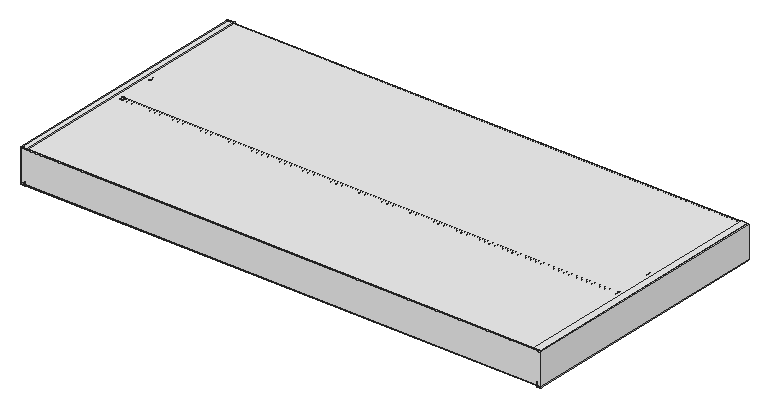
Revit family "LSTG 2x2_2x4", category Lighting Fixtures, host Ceiling, Revit 2019
Family settings
  Host = Ceiling
  Round Connector Dimension = Use Diameter
  Part Type = Normal
  OmniClass Number = 23.80.70.11.14.17
  OmniClass Title = Direct/Indirect
  Always vertical = Yes
  Cut with Voids When Loaded = No
  Light Source = Yes
  Shared = No
  Room Calculation Point = No
Parameters (values of type "LSTG2X4-LED840K092LUNV")
  Width = 1' - 11 3/4"
  Wattage = 79 W
  built-in parameter 1150110 = 1 (stored number, unit not read)
  Voltage = 120 V
  URL = "https://www.viscor.com/en/products/lstg"
  built-in parameter 1114217 = 0.9 (stored number, unit not read)
  Tilt Angle = 90.00°
  built-in parameter 1150109 = 1 (stored number, unit not read)
  built-in parameter 1150134 = 12
  built-in parameter 1150113 = 1 (stored number, unit not read)
  Reflector Width = Width / 2  # 0' - 11 7/8"
  Photometric Web File = "LSTG2X4-LED840K092LUNV.ies"
  Model = "LSTG"  # constant formula
  Manufacturer = "VISIONEERING by VISCOR"  # constant formula
  Lumens = 9243 lm
  built-in parameter 1150115 = 1 (stored number, unit not read)
  built-in parameter 1150105 = 735.53 (stored number, unit not read)
  built-in parameter 1150137 = (empty or 0)
  built-in parameter 1150139 = (empty or 0)
  Lens Finish = Acrylic - Viscor - Frosted White Impact Resistant
  Length = 3' - 11 3/4"
  Lamp Wattage = 79 VA
  built-in parameter 1150112 = 1 (stored number, unit not read)
  built-in parameter 1150114 = 1 (stored number, unit not read)
  Lamp = "LED"  # constant formula
  built-in parameter 1150132 = (empty or 0)
  built-in parameter 1150102 = (empty or 0)
  built-in parameter 1150138 = (empty or 0)
  built-in parameter 1150107 = 4000 (stored number, unit not read)
  built-in parameter 1150106 = 7.3553 (stored number, unit not read)
  Housing Finish = Metal - Viscor - White
  Emit from Rectangle Width = Width  # 1' - 11 3/4"
  Emit from Rectangle Length = Length  # 3' - 11 3/4"
  Emit Shape Visible in Rendering = no
  built-in parameter 1150104 = 10.87 (stored number, unit not read)
  Dimming Lamp Color Temperature Shift = <None>
  Description = "LED Surface  Type G"  # constant formula
  Color Filter = 16777215
  built-in parameter 1114218 = 1 (stored number, unit not read)
  built-in parameter 1150133 = 10 (stored number, unit not read)
  Assembly Code = "D5020200"
  Apparent Load = Lamp Wattage  # 79 VA
Types (6): name | Wattage | Photometric Web File | Lumens | built-in parameter 1150105 | Length | Lamp Wattage | built-in parameter 1150106 | Emit from Rectangle Length | built-in parameter 1150104 | Apparent Load
  (no name) | 79 W | "LSTG2X4-LED840K092LUNV.ies" | 9243 lm | 735.53 (stored number, unit not read) | 3' - 11 3/4" | 79 VA | 7.3553 (stored number, unit not read) | 3' - 11 3/4" | 10.87 (stored number, unit not read) | 79 VA
  LSTG2X2-LED840K037LUNV | 34 W | "LSTG2X2-LED840K037LUNV.IES" | 3706 lm | 294.91 (stored number, unit not read) | 1' - 11 3/4" | 34 VA | 2.9491 (stored number, unit not read) | 1' - 11 3/4" | 10.126 (stored number, unit not read) | 34 VA
  LSTG2x4-LED840K074LUNV | 58 W | "LSTG2X4-LED840K074LUNV.ies" | 7308 lm | 581.55 (stored number, unit not read) | 3' - 11 3/4" | 58 VA | 5.8155 (stored number, unit not read) | 3' - 11 3/4" | 11.706 (stored number, unit not read) | 58 VA
  LSTG2x4-LED840K040LUNV | 38 W | "LSTG2x4-LED840K040LUNV.IES" | 5092 lm | 405.21 (stored number, unit not read) | 3' - 11 3/4" | 30 VA | 4.0521 (stored number, unit not read) | 3' - 11 3/4" | 12.449 (stored number, unit not read) | 30 VA
  LSTG2X2-LED840K050LUNV | 38 W | "LSTG2x2-LED840K050LUNV.IES" | 4598 lm | 365.9 (stored number, unit not read) | 1' - 11 3/4" | 38 VA | 3.659 (stored number, unit not read) | 1' - 11 3/4" | 11.241 (stored number, unit not read) | 38 VA
  LSTG2X4-LED840K092LUNV | 79 W | "LSTG2X4-LED840K092LUNV.ies" | 9243 lm | 735.53 (stored number, unit not read) | 3' - 11 3/4" | 79 VA | 7.3553 (stored number, unit not read) | 3' - 11 3/4" | 10.87 (stored number, unit not read) | 79 VA
Reference planes (in)
  plane 1 "Light Source Axis (F/B)": y = 0
  plane 2 "Ceiling": z = 96
  plane 3 "Light Source Axis (L/R)": x = 0
  plane 4 "Light Source Elevation": z = 92.76562
  plane 5: y = 11.875
  plane 6: y = -11.875
  plane 7: x = -23.875
  plane 8: x = 23.875
  plane 9 "FixtureHeight": z = 92.845
  plane 10: x = -23.8125
  plane 11: x = 23.8125
  plane 12: x = -23.438
  plane 13: x = 23.438
  plane 14: y = 11.438
  plane 15: y = -11.438
  plane 16: x = -22.8125
  plane 17: x = 22.8125
Forms (in)
  Extrusion 1, void
    sketch origin (0, 0, 96) x (1, 0, 0) y (0, 1, 0)
      loop
        line (-23.875, -11.875) -> (23.875, -11.875) -> (23.875, 11.875) -> (-23.875, 11.875) -> (-23.875, -11.875)
    from -3.23438 to 0.53094
  Extrusion 2, solid, material "Metal - Viscor - White" <- "Housing Finish"
    sketch origin (0, 0, 0) x (1, 0, 0) y (0, 0, 1)
      loop
        arc (-23.507, 92.845) -> (-23.45821, 92.86521) -> (-23.438, 92.914) r 0.069
        line (-23.438, 92.914) -> (-23.438, 93.189) -> (-23.46925, 93.189) -> (-23.46925, 92.914)
        arc (-23.46925, 92.914) -> (-23.48031, 92.88731) -> (-23.507, 92.87625) r 0.03775
        line (-23.507, 92.87625) -> (-23.806, 92.87625)
        arc (-23.806, 92.87625) -> (-23.83269, 92.88731) -> (-23.84375, 92.914) r 0.03775
        line (-23.84375, 92.914) -> (-23.84375, 95.838)
        arc (-23.84375, 95.838) -> (-23.83269, 95.86469) -> (-23.806, 95.87575) r 0.03775
        line (-23.806, 95.87575) -> (-23.25, 95.87575) -> (-23.25, 95.907) -> (-23.806, 95.907)
        arc (-23.806, 95.907) -> (-23.85479, 95.88679) -> (-23.875, 95.838) r 0.069
        line (-23.875, 95.838) -> (-23.875, 92.914)
        arc (-23.875, 92.914) -> (-23.85479, 92.86521) -> (-23.806, 92.845) r 0.069
        line (-23.806, 92.845) -> (-23.507, 92.845)
    from -11.875 to 11.875
  Extrusion 3, solid, material "Metal - Viscor - White" <- "Housing Finish"
    sketch origin (0, 0, 0) x (-1, 0, 0) y (0, 0, -1)
      loop
        line (-23.507, -92.845) -> (-23.806, -92.845)
        arc (-23.806, -92.845) -> (-23.85479, -92.86521) -> (-23.875, -92.914) r 0.069
        line (-23.875, -92.914) -> (-23.875, -95.838)
        arc (-23.875, -95.838) -> (-23.85479, -95.88679) -> (-23.806, -95.907) r 0.069
        line (-23.806, -95.907) -> (-23.25, -95.907) -> (-23.25, -95.87575) -> (-23.806, -95.87575)
        arc (-23.806, -95.87575) -> (-23.83269, -95.86469) -> (-23.84375, -95.838) r 0.03775
        line (-23.84375, -95.838) -> (-23.84375, -92.914)
        arc (-23.84375, -92.914) -> (-23.83269, -92.88731) -> (-23.806, -92.87625) r 0.03775
        line (-23.806, -92.87625) -> (-23.507, -92.87625)
        arc (-23.507, -92.87625) -> (-23.48031, -92.88731) -> (-23.46925, -92.914) r 0.03775
        line (-23.46925, -92.914) -> (-23.46925, -93.189) -> (-23.438, -93.189) -> (-23.438, -92.914)
        arc (-23.438, -92.914) -> (-23.45821, -92.86521) -> (-23.507, -92.845) r 0.069
    from -11.875 to 11.875
  Extrusion 4, solid, material "Metal - Viscor - White" <- "Housing Finish"
    sketch origin (0, 0, 0) x (0, 1, 0) y (0, 0, 1)
      loop
        line (11.50687, 92.875) -> (11.80687, 92.875)
        arc (11.80687, 92.875) -> (11.85566, 92.89521) -> (11.87587, 92.944) r 0.069
        line (11.87587, 92.944) -> (11.87587, 95.806)
        arc (11.87587, 95.806) -> (11.85446, 95.85596) -> (11.80352, 95.87492) r 0.069
        line (11.80352, 95.87492) -> (-11.80515, 95.87492)
        arc (-11.80515, 95.87492) -> (-11.85391, 95.85472) -> (-11.87411, 95.80596) r 0.06896
        line (-11.87411, 95.80596) -> (-11.87411, 92.94399)
        arc (-11.87411, 92.94399) -> (-11.8539, 92.89521) -> (-11.80512, 92.87501) r 0.06899
        line (-11.80512, 92.87501) -> (-11.50513, 92.87501)
        arc (-11.50513, 92.87501) -> (-11.45634, 92.89521) -> (-11.43613, 92.944) r 0.069
        line (-11.43613, 92.944) -> (-11.43613, 93.616)
        arc (-11.43613, 93.616) -> (-11.42471, 93.64358) -> (-11.39713, 93.655) r 0.039
        line (-11.39713, 93.655) -> (-10.85013, 93.655) -> (-10.85013, 93.68625) -> (-11.39713, 93.68625)
        arc (-11.39713, 93.68625) -> (-11.4468, 93.66567) -> (-11.46738, 93.616) r 0.07025
        line (-11.46738, 93.616) -> (-11.46738, 92.944)
        arc (-11.46738, 92.944) -> (-11.47843, 92.91731) -> (-11.50513, 92.90626) r 0.03775
        line (-11.50513, 92.90626) -> (-11.80512, 92.90626)
        arc (-11.80512, 92.90626) -> (-11.8318, 92.91731) -> (-11.84286, 92.94399) r 0.03774
        line (-11.84286, 92.94399) -> (-11.84286, 95.80596)
        arc (-11.84286, 95.80596) -> (-11.83181, 95.83262) -> (-11.80515, 95.84367) r 0.03771
        line (-11.80515, 95.84367) -> (11.80439, 95.84367)
        arc (11.80439, 95.84367) -> (11.83267, 95.83356) -> (11.84462, 95.806) r 0.03775
        line (11.84462, 95.806) -> (11.84462, 92.944)
        arc (11.84462, 92.944) -> (11.83357, 92.91731) -> (11.80687, 92.90625) r 0.03775
        line (11.80687, 92.90625) -> (11.50687, 92.90625)
        arc (11.50687, 92.90625) -> (11.48018, 92.91731) -> (11.46912, 92.944) r 0.03775
        line (11.46912, 92.944) -> (11.46912, 93.616)
        arc (11.46912, 93.616) -> (11.44855, 93.66567) -> (11.39887, 93.68625) r 0.07025
        line (11.39887, 93.68625) -> (10.85188, 93.68625) -> (10.85188, 93.655) -> (11.39887, 93.655)
        arc (11.39887, 93.655) -> (11.42645, 93.64358) -> (11.43787, 93.616) r 0.039
        line (11.43787, 93.616) -> (11.43787, 92.944)
        arc (11.43787, 92.944) -> (11.45808, 92.89521) -> (11.50687, 92.875) r 0.069
    from -23.8125 to 23.8125
  Extrusion 5, solid, material "Metal - Viscor - White" <- "Housing Finish"
    sketch origin (0, 0, 92.845) x (0, 1, 0) y (-1, 0, 0)
      loop
        line (-11.3755, 23.3755) -> (-11.3755, -23.3755) -> (11.3755, -23.3755) -> (11.3755, 23.3755) -> (-11.3755, 23.3755)
      loop
        line (-10.8755, 22.8755) -> (-10.8755, -22.8755) -> (10.8755, -22.8755) -> (10.8755, 22.8755) -> (-10.8755, 22.8755)
    from 0 to 0.5
  Extrusion 6, solid, material "Metal - Viscor - White" <- "Housing Finish"
    sketch origin (0, 0, 0) x (0, 1, 0) y (0, 0, 1)
      loop
        line (1.93837, 95.845) -> (1.60237, 95.845)
        arc (1.60237, 95.845) -> (1.55358, 95.82479) -> (1.53337, 95.776) r 0.069
        line (1.53337, 95.776) -> (1.53337, 95.634)
        arc (1.53337, 95.634) -> (1.52195, 95.60642) -> (1.49437, 95.595) r 0.039
        line (1.49437, 95.595) -> (-1.49263, 95.595)
        arc (-1.49263, 95.595) -> (-1.5202, 95.60642) -> (-1.53163, 95.634) r 0.039
        line (-1.53163, 95.634) -> (-1.53163, 95.776)
        arc (-1.53163, 95.776) -> (-1.55184, 95.82479) -> (-1.60063, 95.845) r 0.069
        line (-1.60063, 95.845) -> (-1.93663, 95.845) -> (-1.93663, 95.81375) -> (-1.60063, 95.81375)
        arc (-1.60063, 95.81375) -> (-1.57393, 95.80269) -> (-1.56288, 95.776) r 0.03775
        line (-1.56288, 95.776) -> (-1.56288, 95.634)
        arc (-1.56288, 95.634) -> (-1.5423, 95.58433) -> (-1.49263, 95.56375) r 0.07025
        line (-1.49263, 95.56375) -> (1.49437, 95.56375)
        arc (1.49437, 95.56375) -> (1.54405, 95.58433) -> (1.56462, 95.634) r 0.07025
        line (1.56462, 95.634) -> (1.56462, 95.776)
        arc (1.56462, 95.776) -> (1.57568, 95.80269) -> (1.60237, 95.81375) r 0.03775
        line (1.60237, 95.81375) -> (1.93837, 95.81375) -> (1.93837, 95.845)
    from -22.8125 to 22.8125
  Extrusion 7, solid, material "Metal - Viscor - White" <- "Housing Finish"
    sketch origin (0, 0, 0) x (0, 1, 0) y (0, 0, 1)
      loop
        line (6.2888, 95.155) -> (0.62587, 95.155) -> (0.62587, 95.03) -> (-0.62413, 95.03) -> (-0.62413, 95.155) -> (-6.28706, 95.155) -> (-11.00513, 93.355) -> (-11.00513, 92.905) -> (11.00687, 92.905) -> (11.00687, 93.355) -> (6.2888, 95.155)
    from -23.438 to -22.8125
  Extrusion 8, solid, material "Metal - Viscor - White" <- "Housing Finish"
    sketch origin (0, 0, 0) x (0, 1, 0) y (0, 0, -1)
      loop
        line (6.2888, -95.155) -> (11.00687, -93.355) -> (11.00687, -92.905) -> (-11.00513, -92.905) -> (-11.00513, -93.355) -> (-6.28706, -95.155) -> (-0.62413, -95.155) -> (-0.62413, -95.03) -> (0.62587, -95.03) -> (0.62587, -95.155) -> (6.2888, -95.155)
    from -23.438 to -22.8125
  Extrusion 9, solid, material "Metal - Viscor - White" <- "Housing Finish"
    sketch origin (0, 0, 0) x (0, 1, 0) y (0, 0, 1)
      loop
        arc (2.23986, 93.80831) -> (2.20496, 93.84584) -> (2.23738, 93.88554) r 0.039
        line (2.23738, 93.88554) -> (2.46873, 93.92503) -> (2.46347, 93.95583) -> (2.23212, 93.91634)
        arc (2.23212, 93.91634) -> (2.17373, 93.84484) -> (2.2366, 93.77723) r 0.07025
        line (2.2366, 93.77723) -> (2.46434, 93.75329)
        arc (2.46434, 93.75329) -> (2.48502, 93.74206) -> (2.49171, 93.7195) r 0.03075
        line (2.49171, 93.7195) -> (2.42563, 93.09079)
        arc (2.42563, 93.09079) -> (2.41562, 93.07115) -> (2.39505, 93.06325) r 0.03075
        line (2.39505, 93.06325) -> (2.07587, 93.06325) -> (2.07587, 93.032) -> (2.39505, 93.032)
        arc (2.39505, 93.032) -> (2.43653, 93.04793) -> (2.45671, 93.08752) r 0.062
        line (2.45671, 93.08752) -> (2.52279, 93.71623)
        arc (2.52279, 93.71623) -> (2.50931, 93.76173) -> (2.46761, 93.78437) r 0.062
        line (2.46761, 93.78437) -> (2.23986, 93.80831)
    from -22.8125 to 22.8125
  Extrusion 10, solid, material "Metal - Viscor - White" <- "Housing Finish"
    sketch origin (0, 0, 0) x (0, -1, 0) y (0, 0, -1)
      loop
        line (2.23986, -93.80831) -> (2.46761, -93.78437)
        arc (2.46761, -93.78437) -> (2.50931, -93.76173) -> (2.52279, -93.71623) r 0.062
        line (2.52279, -93.71623) -> (2.45671, -93.08752)
        arc (2.45671, -93.08752) -> (2.43653, -93.04793) -> (2.39505, -93.032) r 0.062
        line (2.39505, -93.032) -> (2.07587, -93.032) -> (2.07587, -93.06325) -> (2.39505, -93.06325)
        arc (2.39505, -93.06325) -> (2.41562, -93.07115) -> (2.42563, -93.09079) r 0.03075
        line (2.42563, -93.09079) -> (2.49171, -93.7195)
        arc (2.49171, -93.7195) -> (2.48502, -93.74206) -> (2.46434, -93.75329) r 0.03075
        line (2.46434, -93.75329) -> (2.2366, -93.77723)
        arc (2.2366, -93.77723) -> (2.17373, -93.84484) -> (2.23212, -93.91634) r 0.07025
        line (2.23212, -93.91634) -> (2.46347, -93.95583) -> (2.46873, -93.92503) -> (2.23738, -93.88554)
        arc (2.23738, -93.88554) -> (2.20496, -93.84584) -> (2.23986, -93.80831) r 0.039
    from -22.8125 to 22.8125
  Extrusion 11, solid, material "Acrylic - Viscor - Frosted White Impact Resistant" <- "Lens Finish"
    sketch origin (0, 0, 0) x (0, 1, 0) y (0, 0, 1)
      loop
        line (2.37587, 93.105) -> (-2.37413, 93.105) -> (-2.37413, 93.065) -> (2.37587, 93.065) -> (2.37587, 93.105)
    from -22.8125 to 22.8125
Dimensions and locks (in)
  equal spacing: host sketch curve, plane 3 "Light Source Axis (L/R)", host sketch curve
  equal spacing: host sketch curve, plane 1 "Light Source Axis (F/B)", host sketch curve
  host sketch curve to host sketch curve = 10' - 0"  (x2)
  equal spacing: plane 7, plane 3 "Light Source Axis (L/R)", plane 8
  "Length": plane 7 to plane 8
  equal spacing: plane 5, plane 1 "Light Source Axis (F/B)", plane 6
  "Width": plane 5 to plane 6
  plane 4 "Light Source Elevation" to plane 2 "Ceiling" = 0' - 3 15/64"
  locked: plane 2 "Ceiling" to plane 9 "FixtureHeight" at 3.155
  locked: plane 7 to plane 10 at 0.0625
  locked: plane 11 to plane 8 at 0.0625
  locked: plane 7 to plane 12 at 0.437
  locked: plane 13 to plane 8 at 0.437
  locked: plane 5 to plane 14 at 0.437
  locked: plane 15 to plane 6 at 0.437
  locked: plane 7 to plane 16 at 1.0625
  locked: plane 17 to plane 8 at 1.0625
  aligned and locked: plane 3 "Light Source Axis (L/R)" to imposter light
  aligned and locked: plane 1 "Light Source Axis (F/B)" to imposter light
  aligned and locked: plane 4 "Light Source Elevation" to imposter light
  aligned and locked: Extrusion 1 to imposter light
  aligned and locked: Extrusion 1 to plane 7
  aligned and locked: plane 8 to Extrusion 1
  aligned and locked: plane 5 to Extrusion 2
  aligned and locked: plane 5 to Extrusion 3
  aligned and locked: Extrusion 2 to plane 6
  aligned and locked: Extrusion 3 to plane 6
  aligned and locked: Extrusion 4 to plane 10
  aligned and locked: plane 11 to Extrusion 4
  aligned and locked: Extrusion 6 to plane 16
  aligned and locked: plane 17 to Extrusion 6
  aligned and locked: Extrusion 7 to plane 12
  aligned and locked: plane 16 to Extrusion 7
  aligned and locked: plane 13 to Extrusion 8
  aligned and locked: Extrusion 8 to plane 17
  aligned and locked: Extrusion 9 to plane 16
  aligned and locked: plane 17 to Extrusion 9
  aligned and locked: Extrusion 10 to plane 16
  aligned and locked: plane 17 to Extrusion 10
  aligned and locked: Extrusion 11 to plane 16
  aligned and locked: plane 17 to Extrusion 11
Automatic sketch dimensions
  Extrusion 1 sketch curve to plane 5 = 0' - 0"
  Extrusion 1 sketch curve to plane 7 = 0' - 0"
  Extrusion 1 sketch curve to plane 8 = 0' - 0"
  Extrusion 1 sketch curve to plane 6 = 0' - 0"
  Extrusion 2 sketch curve to Extrusion 2 sketch curve = 0' - 0"  (x6)
  Extrusion 2 sketch curve to plane 7 = 0' - 0"
  Extrusion 2 sketch curve to plane 9 "FixtureHeight" = 0' - 0"
  Extrusion 2 sketch curve to plane 12 = 0' - 0"
  Extrusion 2 sketch curve to Extrusion 2 sketch curve = 0' - 0 1/32"
  plane 10 to Extrusion 2 sketch curve = 0' - 0.0065"  (x2)
  Extrusion 2 sketch curve to Extrusion 2 sketch curve = 0' - 0.03775"
  Extrusion 2 sketch curve to plane 2 "Ceiling" = 0' - 0.093"
  plane 12 to Extrusion 2 sketch curve = 0' - 0.188"
  Extrusion 2 sketch curve to Extrusion 2 sketch curve = 0' - 0.275"
  Extrusion 3 sketch curve to Extrusion 3 sketch curve = 0' - 0"  (x6)
  Extrusion 3 sketch curve to plane 8 = 0' - 0"
  Extrusion 3 sketch curve to plane 9 "FixtureHeight" = 0' - 0"
  Extrusion 3 sketch curve to plane 13 = 0' - 0"
  plane 8 to Extrusion 3 sketch curve = 0' - 0 1/32"
  plane 11 to Extrusion 3 sketch curve = 0' - 0.0065"  (x2)
  Extrusion 3 sketch curve to Extrusion 3 sketch curve = 0' - 0.03775"
  plane 2 "Ceiling" to Extrusion 3 sketch curve = 0' - 0.093"
  plane 13 to Extrusion 3 sketch curve = 0' - 0.188"
  Extrusion 3 sketch curve to Extrusion 3 sketch curve = 0' - 0.275"
  Extrusion 4 sketch curve to Extrusion 4 sketch curve = 0' - 0"  (x16)
  plane 6 to Extrusion 4 sketch curve = 0' - 0.00089"
  Extrusion 4 sketch curve to Extrusion 4 sketch curve = 0' - 0 1/32"
  Extrusion 4 sketch curve to Extrusion 4 sketch curve = 0' - 0.03771"
  plane 9 "FixtureHeight" to Extrusion 4 sketch curve = 0' - 0.03001"
  plane 6 to Extrusion 4 sketch curve = 0' - 0.06988"
  Extrusion 4 sketch curve to plane 15 = 0' - 0.06713"
  Extrusion 4 sketch curve to plane 15 = 0' - 0.02938"
  plane 15 to Extrusion 4 sketch curve = 0' - 0.04087"
  Extrusion 4 sketch curve to Extrusion 4 sketch curve = 0' - 0.547"
  Extrusion 4 sketch curve to plane 14 = 0' - 0.58612"
  Extrusion 4 sketch curve to plane 14 = 0' - 0.03913"
  Extrusion 4 sketch curve to plane 14 = 0' - 0.00013"
  plane 14 to Extrusion 4 sketch curve = 0' - 0.03112"
  Extrusion 4 sketch curve to Extrusion 4 sketch curve = 0' - 0.03775"
  Extrusion 4 sketch curve to plane 5 = 0' - 0.07148"
  Extrusion 4 sketch curve to Extrusion 4 sketch curve = 0' - 0.00087"
  Extrusion 4 sketch curve to Extrusion 4 sketch curve = 0' - 0.00248"
  plane 9 "FixtureHeight" to Extrusion 4 sketch curve = 0' - 0.03"
  Extrusion 4 sketch curve to plane 5 = 0' - 0.06813"
  Extrusion 4 sketch curve to Extrusion 4 sketch curve = 0' - 0.672"  (x2)
  Extrusion 4 sketch curve to plane 2 "Ceiling" = 0' - 0.19404"
  plane 15 to Extrusion 5 sketch curve = 0' - 0 1/16"
  plane 17 to Extrusion 5 sketch curve = 0' - 0.063"
  plane 15 to Extrusion 5 sketch curve = 0' - 0 9/16"
  Extrusion 5 sketch curve to plane 16 = 0' - 0.063"
  Extrusion 5 sketch curve to plane 14 = 0' - 0 9/16"
  Extrusion 5 sketch curve to plane 14 = 0' - 0 1/16"
  Extrusion 5 sketch curve to plane 13 = 0' - 0 1/16"
  plane 12 to Extrusion 5 sketch curve = 0' - 0 1/16"
  Extrusion 6 sketch curve to Extrusion 6 sketch curve = 0' - 0"  (x8)
  Extrusion 6 sketch curve to plane 2 "Ceiling" = 0' - 0.155"
  plane 1 "Light Source Axis (F/B)" to Extrusion 6 sketch curve = 0' - 1.93663"
  Extrusion 6 sketch curve to Extrusion 6 sketch curve = 0' - 0.336"  (x2)
  Extrusion 6 sketch curve to Extrusion 6 sketch curve = 0' - 0.03775"  (x2)
  Extrusion 6 sketch curve to Extrusion 6 sketch curve = 0' - 0 1/32"
  Extrusion 6 sketch curve to Extrusion 6 sketch curve = 0' - 0.039"  (x2)
  Extrusion 6 sketch curve to plane 2 "Ceiling" = 0' - 0.405"
  Extrusion 6 sketch curve to plane 1 "Light Source Axis (F/B)" = 0' - 1.49437"
  Extrusion 6 sketch curve to Extrusion 6 sketch curve = 0' - 0.142"
  plane 15 to Extrusion 7 sketch curve = 0' - 0.43287"
  Extrusion 7 sketch curve to plane 2 "Ceiling" = 0' - 0.845"  (x2)
  Extrusion 7 sketch curve to Extrusion 7 sketch curve = 0' - 4.71807"
  plane 1 "Light Source Axis (F/B)" to Extrusion 7 sketch curve = 0' - 0.62413"
  Extrusion 7 sketch curve to plane 1 "Light Source Axis (F/B)" = 0' - 0.62587"
  Extrusion 7 sketch curve to plane 14 = 0' - 5.1492"
  plane 9 "FixtureHeight" to Extrusion 7 sketch curve = 0' - 0.06"
  Extrusion 7 sketch curve to plane 14 = 0' - 0.43113"
  Extrusion 7 sketch curve to Extrusion 7 sketch curve = 0' - 0.45"  (x2)
  Extrusion 7 sketch curve to Extrusion 7 sketch curve = 0' - 0 1/8"
  plane 15 to Extrusion 8 sketch curve = 0' - 0.43287"
  Extrusion 8 sketch curve to plane 2 "Ceiling" = 0' - 0.845"  (x2)
  Extrusion 8 sketch curve to Extrusion 8 sketch curve = 0' - 4.71807"
  plane 1 "Light Source Axis (F/B)" to Extrusion 8 sketch curve = 0' - 0.62413"
  Extrusion 8 sketch curve to plane 1 "Light Source Axis (F/B)" = 0' - 0.62587"
  Extrusion 8 sketch curve to plane 14 = 0' - 5.1492"
  plane 9 "FixtureHeight" to Extrusion 8 sketch curve = 0' - 0.06"
  Extrusion 8 sketch curve to plane 14 = 0' - 0.43113"
  Extrusion 8 sketch curve to Extrusion 8 sketch curve = 0' - 0 1/8"
  Extrusion 8 sketch curve to Extrusion 8 sketch curve = 0' - 0.45"  (x2)
  Extrusion 9 sketch curve to Extrusion 9 sketch curve = 0' - 0"  (x6)
  plane 9 "FixtureHeight" to Extrusion 9 sketch curve = 0' - 0.21825"
  Extrusion 9 sketch curve to plane 1 "Light Source Axis (F/B)" = 0' - 2.07587"
  plane 9 "FixtureHeight" to Extrusion 9 sketch curve = 0' - 1.07134"
  Extrusion 9 sketch curve to Extrusion 9 sketch curve = 0' - 0 5/32"
  Extrusion 9 sketch curve to Extrusion 9 sketch curve = 0' - 0.00448"
  plane 9 "FixtureHeight" to Extrusion 9 sketch curve = 0' - 1.04054"
  Extrusion 9 sketch curve to Extrusion 9 sketch curve = 0' - 0.00526"
  Extrusion 9 sketch curve to Extrusion 9 sketch curve = 0' - 0.00327"  (x2)
  Extrusion 9 sketch curve to Extrusion 9 sketch curve = 0' - 0.00408"
  Extrusion 9 sketch curve to Extrusion 9 sketch curve = 0' - 0.31917"
  plane 9 "FixtureHeight" to Extrusion 9 sketch curve = 0' - 0.24579"
  Extrusion 9 sketch curve to Extrusion 9 sketch curve = 0' - 0.03058"  (x2)
  plane 9 "FixtureHeight" to Extrusion 9 sketch curve = 0' - 0.24252"
  Extrusion 9 sketch curve to Extrusion 9 sketch curve = 0' - 0.03108"
  Extrusion 9 sketch curve to Extrusion 9 sketch curve = 0' - 0.22453"
  plane 9 "FixtureHeight" to Extrusion 9 sketch curve = 0' - 1.11083"
  Extrusion 9 sketch curve to Extrusion 9 sketch curve = 0' - 0.00235"
  plane 9 "FixtureHeight" to Extrusion 9 sketch curve = 0' - 0.90829"
  Extrusion 9 sketch curve to Extrusion 9 sketch curve = 0' - 0.00321"
  plane 9 "FixtureHeight" to Extrusion 9 sketch curve = 0' - 0.93937"
  plane 9 "FixtureHeight" to Extrusion 9 sketch curve = 0' - 0.8745"
  plane 9 "FixtureHeight" to Extrusion 9 sketch curve = 0' - 0.87123"
  Extrusion 9 sketch curve to Extrusion 9 sketch curve = 0' - 0.10831"
  Extrusion 10 sketch curve to Extrusion 10 sketch curve = 0' - 0"  (x6)
  Extrusion 10 sketch curve to plane 9 "FixtureHeight" = 0' - 0.21825"
  Extrusion 10 sketch curve to plane 1 "Light Source Axis (F/B)" = 0' - 2.07587"
  Extrusion 10 sketch curve to plane 9 "FixtureHeight" = 0' - 1.07134"
  Extrusion 10 sketch curve to Extrusion 10 sketch curve = 0' - 0 5/32"
  Extrusion 10 sketch curve to Extrusion 10 sketch curve = 0' - 0.00448"
  Extrusion 10 sketch curve to plane 9 "FixtureHeight" = 0' - 1.04054"
  Extrusion 10 sketch curve to Extrusion 10 sketch curve = 0' - 0.00526"
  Extrusion 10 sketch curve to Extrusion 10 sketch curve = 0' - 0.00327"  (x2)
  Extrusion 10 sketch curve to Extrusion 10 sketch curve = 0' - 0.00408"
  Extrusion 10 sketch curve to Extrusion 10 sketch curve = 0' - 0.31917"
  Extrusion 10 sketch curve to plane 9 "FixtureHeight" = 0' - 0.24579"
  Extrusion 10 sketch curve to Extrusion 10 sketch curve = 0' - 0.03058"  (x2)
  Extrusion 10 sketch curve to plane 9 "FixtureHeight" = 0' - 0.24252"
  Extrusion 10 sketch curve to Extrusion 10 sketch curve = 0' - 0.03108"
  Extrusion 10 sketch curve to Extrusion 10 sketch curve = 0' - 0.22453"
  Extrusion 10 sketch curve to plane 9 "FixtureHeight" = 0' - 1.11083"
  Extrusion 10 sketch curve to Extrusion 10 sketch curve = 0' - 0.00235"
  Extrusion 10 sketch curve to plane 9 "FixtureHeight" = 0' - 0.90829"
  Extrusion 10 sketch curve to Extrusion 10 sketch curve = 0' - 0.00321"
  Extrusion 10 sketch curve to plane 9 "FixtureHeight" = 0' - 0.93937"
  Extrusion 10 sketch curve to plane 9 "FixtureHeight" = 0' - 0.8745"
  Extrusion 10 sketch curve to plane 9 "FixtureHeight" = 0' - 0.87123"
  Extrusion 10 sketch curve to Extrusion 10 sketch curve = 0' - 0.10831"
  plane 9 "FixtureHeight" to Extrusion 11 sketch curve = 0' - 0.26"
  plane 1 "Light Source Axis (F/B)" to Extrusion 11 sketch curve = 0' - 2.37413"
  plane 9 "FixtureHeight" to Extrusion 11 sketch curve = 0' - 0.22"
  Extrusion 11 sketch curve to plane 1 "Light Source Axis (F/B)" = 0' - 2.37587"
Connectors (in)
  electrical at (0, 0, 92.76562), driven by "Voltage", driven by "Apparent Load"
    settings: index 1, voltage 120 V, apparent load 0 VA, apparent load phase1 79 VA, apparent load phase2 0 VA, apparent load phase3 0 VA, power factor 1, load classification "Other", number of poles 1, system type 31, power factor state 1, is connector primary yes, connector utility no, sub classification motor no, connector description ""
